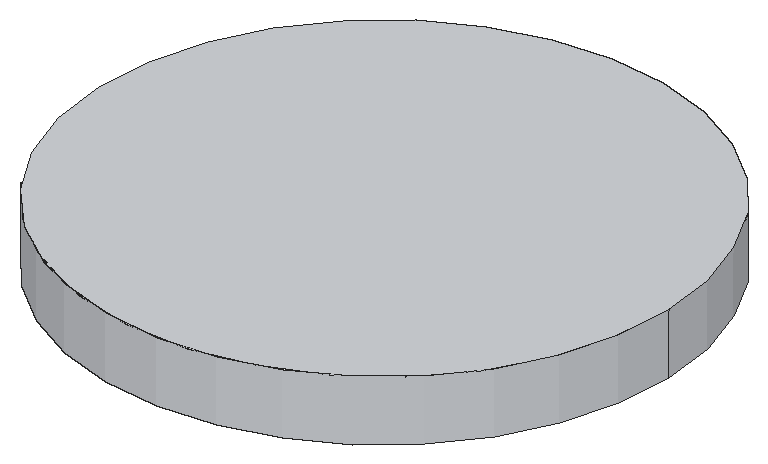
Revit family "DPH0_WOOD", category Generic Models, host Face, Revit 2015
Parameters (values of type "BUZON_DPH0")
  Youtube clip = ""
  Weight Net (Kg) = "0"
  Uniformat II Description = "Floor Construction"
  Uniformat II Code = "B1010"
  Uniclass 2015 Name = "External floor tiling systems"
  Uniclass 2015 Code = "Ss_30_42_32_30"
  Uniclass 2.0 Description = "Flooring And Decking Systems"
  Uniclass 2.0 Code = "SS-20-20"
  Uniclass 1.4 Description = "Floor units"
  Uniclass 1.4 Code = "L83121"
  UNSPSC Code = "301617"
  Technical description = ""
  Rotation Timber Support [instance] = 0.00°
  Region South America = "All"
  Region Oceania = "All"
  Region North America = "All"
  Region Middle East = "All"
  Region Europe = "All"
  Region Asia = "All"
  Region Antarctica = "All"
  Region Africa = "All"
  QR code = "http://bimobject.com/buzon/product/DPH-0"
  Product url = "http://www.buzon-world.com/en_US/products/dph-series.html"
  Product group = "Pedestal"
  Product family = "DPH"
  Product data url = "https://bimobject.com/buzon/product/DPH-0"
  Product certification = ""
  Product SKU = "DPH-0"
  Product Guid = "b13e351f-78b3-41c2-9b8d-0505fb8808e8"
  Pedestal Material = Default_DPH_Material
  OmniClass Description = "Flooring Specialties and Accessories"
  OmniClass Code = "23-15 17 11"
  Nominal width = 0.00 mm
  Nominal height = 0.00 mm
  NBS Reference Description = "Flooring And Decking Systems"
  NBS Reference Code = "20-20"
  Material secondary = "Polypropylene"
  Material main = "Polypropylene"
  Masterformat 2014 Description = ""
  Masterformat 2014 Code = ""
  Manufacturer name = "Buzon"
  Manufacturer country = "Belgium"
  Installation instructions = ""
  IFC Classification = "Building Element"
  Height [instance] = 17.00 mm  # constant formula
  Default Elevation = 1200.00 mm
  Edition number = 1
  EAN code = ""
  Design country = "Belgium"
  Date of publishing = "12/21/2016"
  COBIe Type Category = ""
  Brand url = "http://www.buzon-world.com/en_US/home.html"
  BIMobject category = "Systems"
Reference planes
  plane 1 "Center (Front/Back)": y = 0
  plane 2: z = 0
  plane 3 "Center (Left/Right)": x = 0
  plane 4: x = 1219.2
  plane 5: x = -1219.2
  plane 6: z = 17
Forms (mm)
  Extrusion 1, solid, not visible
    sketch origin (0, 0, 0) x (1, 0, 0) y (0, 1, 0)
      loop
        circle (0, 0) r 100
    from 338.467 to 360
Dimensions and locks
  "Height": plane 6 to host face
  aligned and locked: plane 2 to host face
  aligned and locked: level to host face
  aligned and locked: plane 6 to nested 1
Automatic sketch dimensions
  host sketch curve to host sketch curve = 2438.40 mm  (x2)
Nested families
  nested 1: "DPH0" at (0, 0, 0), type "DPH0"
    with Material Default_DPH_Material
  nested 2: "Buzon_BOIS" at (0, 0, 17), Bois Angle Input <- "Rotation Timber Support", type "Buzon_BOIS"
    with Min Angle Bois 0.00°, Max Angle Bois 90.00°, Material Default_DPH_Material, Bois Angle Input 0.00°, Bois Angle 0.00°, BOIS yes
Definition of nested family "DPH0"
  Parameters (values of type "DPH0")
    Youtube clip = ""
    Weight Net (Kg) = 0
    Uniformat II Description = ""
    Uniformat II Code = ""
    Uniclass 2015 Name = ""
    Uniclass 2015 Code = ""
    Uniclass 2.0 Description = ""
    Uniclass 2.0 Code = ""
    Uniclass 1.4 Description = ""
    Uniclass 1.4 Code = ""
    UNSPSC Code = ""
    Technical description = ""
    Region South America = "All"
    Region Oceania = "All"
    Region North America = "All"
    Region Middle East = "All"
    Region Europe = "All"
    Region Asia = "All"
    Region Antarctica = "All"
    Region Africa = "All"
    QR code = "http://bimobject.com/demo-pl/product/igor_1"
    Product name = "igor_test"
    Product group = ""
    Product family = ""
    Product data url = "https://bimobject.com/demo-pl/product/igor_1"
    Product certification = ""
    Product SKU = "igor_1"
    Product Guid = "4c18444a-81e5-491c-bd44-c98c617819f1"
    OmniClass Description = ""
    OmniClass Code = ""
    Nominal width = 0
    Nominal height = 0
    NBS Reference Description = ""
    NBS Reference Code = ""
    Material [instance] = none
    Masterformat 2014 Description = ""
    Masterformat 2014 Code = ""
    Manufacturer name = "Demo-PL"
    Manufacturer country = ""
    Installation instructions = ""
    IFC Classification = "Furniture"
    Edition number = 1
    EAN code = ""
    Design country = ""
    Date of publishing = ""
    COBIe Type Category = ""
    BIMobject category = ""
  Reference planes
    plane 1 "Center (Front/Back)": y = 0
    plane 2: z = 0
    plane 3 "Center (Left/Right)": x = 0
  Dimensions and locks
    aligned and locked: plane 2 to level
  Imported bodies without a history: 1
Definition of nested family "Buzon_BOIS"
  Parameters (values of type "Buzon_BOIS")
    Min Angle Bois [instance] = 0.00°  # constant formula
    Max Angle Bois [instance] = 90.00°  # constant formula
    Material [instance] = none
    Default Elevation = 1219.20 mm
    Bois Angle Input [instance] = 70.00°
    Bois Angle [instance] = if(Bois Angle Input < Min Angle Bois, Min Angle Bois, if(Max Angle Bois < Bois Angle Input, Max Angle Bois, Bois Angle Input))  # 70.00°
    BOIS [instance] = yes
  Reference planes
    plane 1 "Center (Front/Back)": y = 0
    plane 2: z = 0
    plane 3 "Center (Left/Right)": x = 0
    plane 4: z = 0.83
  Forms (mm)
    Extrusion 1, solid
      sketch origin (0, 0, 0) x (1, 0, 0) y (0, 1, 0)
        loop
          line (-1219.2, 1219.2) -> (-1219.2, -1219.2) -> (1219.2, -1219.2) -> (1219.2, 1219.2) -> (-1219.2, 1219.2)
      from 0 to -304.8
  Dimensions and locks
    "Bois Angle": angle plane 1 "Center (Front/Back)" to nested 1
    aligned and locked: plane 2 to Extrusion 1
    aligned and locked: level to Extrusion 1
  Automatic sketch dimensions
    Extrusion 1 sketch curve to Extrusion 1 sketch curve = 2438.40 mm  (x2)
  Nested families
    nested 1: "BOIS" at (0, 0, -144.195) x (0.9397, -0.342, 0) z (0, 0, 1), Material <- "Material", type "BOIS"
      with Material none
  Definition of nested family "BOIS"
    Parameters (values of type "BOIS")
      Material [instance] = none
    Reference planes
      plane 1 "Center (Front/Back)": y = 0
      plane 2: z = 0
      plane 3 "Center (Left/Right)": x = 0
    Dimensions and locks
      aligned and locked: level to plane 2
    Imported bodies without a history: 2
